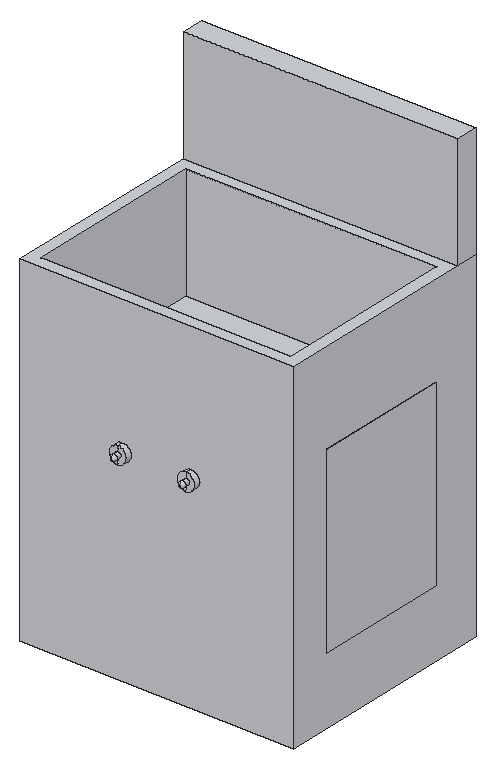
Revit family "Service_Sink-Willoughby-SS-2219-FM-FA", category Plumbing Fixtures, Revit 2015
Parameters
  URL = "https://www.willoughby-ind.com/wp-content/uploads/2018/01/SS-FA.pdf"
  Revision = "A"
  Model = "SS-2419-FM-FA"
  Manufacturer = "Willoughby Industries"
  Description = "24\" x 19\" Service sink, Floor mounted, Wall outlet, Front Access"
  Contact number = "(800) 428-4065"
Reference planes (in)
  plane 1 "Center (Front/Back)": y = 0
  plane 2: z = 0
  plane 3 "Center (Left/Right)": x = 0
Forms (in)
  Extrusion 1, solid
    sketch origin (1, 0, 0) x (1, 0, 0) y (0, 0, 1)
      loop
        line (0, 0) -> (12, 0) -> (12, 30) -> (-12, 30) -> (-12, 0) -> (0, 0)
    from 0 to 20
  Extrusion 2, solid
    sketch origin (0, 0, 0) x (1, 0, 0) y (0, 1, 0)
      loop
        line (-11, 0) -> (-11, -2) -> (13, -2) -> (13, 0) -> (-11, 0)
    from 30 to 40
  Extrusion 3, void
    sketch origin (2, 0, 0) x (1, 0, 0) y (0, 1, 0)
      loop
        line (-12, -19) -> (10, -19) -> (10, -3) -> (-12, -3) -> (-12, -19)
    from 20 to 30
  Revolve 4, solid
    sketch origin (-2, 0, 0) x (0, 1, 0) y (0, 0, 1)
      loop
        line (-20, 18) -> (-20, 18.75) -> (-20.5, 18.75) -> (-20.5, 18.25) -> (-20.91299, 18.25)
        arc (-20.91299, 18.25) -> (-21.08976, 18.17678) -> (-21.16299, 18) r 0.25
        line (-21.16299, 18) -> (-20, 18)
      axis (-20, 18) -> (-21.16299, 18)
    angle from 0 to 360
  Revolve 5, solid
    sketch origin (4, 0, 0) x (0, 1, 0) y (0, 0, 1)
      loop
        line (-20, 18) -> (-20, 18.75) -> (-20.5, 18.75) -> (-20.5, 18.25) -> (-20.91299, 18.25)
        arc (-20.91299, 18.25) -> (-21.08976, 18.17678) -> (-21.16299, 18) r 0.25
        line (-21.16299, 18) -> (-20, 18)
      axis (-20, 18) -> (-21.16299, 18)
    angle from 0 to 360
  Extrusion 6, solid
    sketch origin (0, 0, 0) x (1, 0, 0) y (0, 1, 0)
      loop
        line (-11, -4.5) -> (-11.125, -4.5) -> (-11.125, -16.5) -> (-11, -16.5) -> (-11, -4.5)
    from 6 to 22
  Revolve 7, solid
    sketch origin (0, 0, 0) x (0, 1, 0) y (0, 0, 1)
      loop
        line (0, 17.5) -> (0.0625, 17.5) -> (0.0625, 18.25) -> (0, 18.25) -> (0, 17.5)
      axis (0, 17.5) -> (0.0625, 17.5)
    angle from 0 to 360
  Extrusion 8, solid
    sketch origin (0, 0, 0) x (1, 0, 0) y (0, 0, 1)
      loop
        circle (0, 35) r 0.25
    from -0.0625 to 0
  Extrusion 9, solid
    sketch origin (2, 0, 0) x (-1, 0, 0) y (0, -1, 0)
      loop
        line (-11, 4.5) -> (-11, 16.5) -> (-11.125, 16.5) -> (-11.125, 4.5) -> (-11, 4.5)
    from 6 to 22
Cuts and joins
  Extrusion 3 cuts Extrusion 1
Dimensions and locks (in)
  group 1 to group 2 = 0' - 6"
  group 1 to group 2 = 0' - 0"  (x2)
  aligned and locked: level to plane 2
  aligned and locked: Extrusion 2 sketch curve to Extrusion 1
  aligned and locked: Revolve 4 sketch curve to Revolve 4 sketch curve  (x2)
  aligned and locked: Revolve 5 sketch curve to Revolve 5 sketch curve  (x2)
  aligned and locked: Revolve 7 sketch curve to Revolve 7 sketch curve  (x3)
